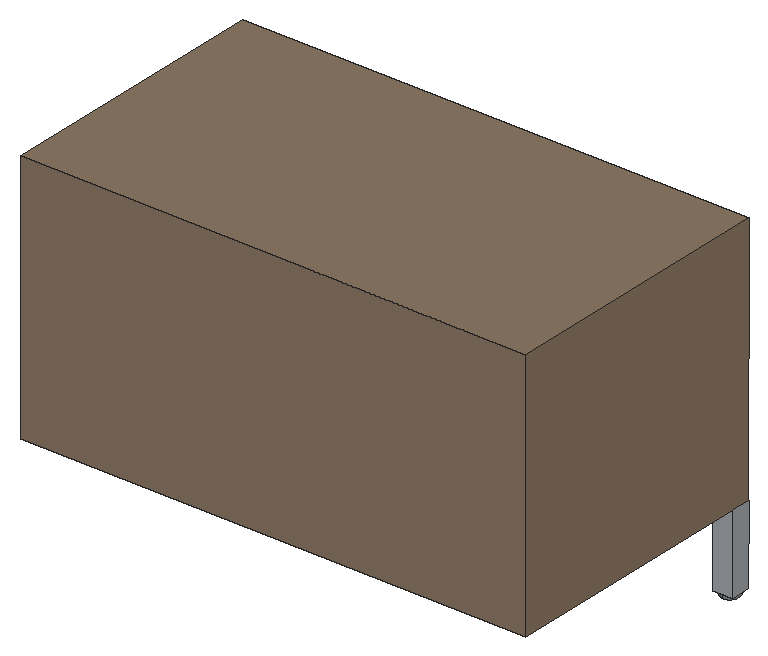
Revit family
Parameters
  URL = "http://www.martinbrattrud.com"
  Table [instance] = none
  SCS Certified Product = "Yes"
  Model = "Bristol 249-00LT"
  Manufacturer = "Martin Brattrud, Inc."
  Keynote = "125000"
  Copyright = "© 2013 Martin Brattrud, Inc."
  Authoring Version = "Revit Architecture 2010"
  Assembly Code = "E2020200"
Reference planes (in)
  plane 1 "Center Front/Back": y = 0
  plane 2: z = 0
  plane 3 "Center Left/Right": x = 0
Forms (in)
  Extrusion 1, solid, material <- "Table"
    sketch origin (0, 0, 0) x (1, 0, 0) y (0, 1, 0)
      loop
        line (-12.75, 7) -> (-12.75, -7) -> (12.75, -7) -> (12.75, 7) -> (-12.75, 7)
    from 4.25 to 17
Nested families (in)
  nested 1: "Bristol Leg" at (-12.25, 6.5, 0), type "Bristol Leg"
  nested 2: "Bristol Leg" at (12.25, 6.5, 0), type "Bristol Leg"
Definition of nested family "Bristol Leg"
  Parameters
    URL = "http://www.martinbrattrud.com"
    SCS Certified Product = ""
    Model = ""
    Leg = none
    Manufacturer = "Martin Brattrud, Inc."
    Keynote = "125000"
    Copyright = "© 2013 Martin Brattrud, Inc."
    Authoring Version = "Revit Architecture 2010"
    Assembly Code = "E2020200"
  Reference planes (in)
    plane 1 "Center Front/Back": y = 0
    plane 2: z = 0
    plane 3 "Center Left/Right": x = 0
  Forms (in)
    Extrusion 1, solid, material <- "Leg"
      sketch origin (0, 0, 0) x (1, 0, 0) y (0, 1, 0)
        loop
          line (-0.5, 0.5) -> (-0.5, -0.5) -> (0.5, -0.5) -> (0.5, 0.5) -> (-0.5, 0.5)
      from 0.25 to 4.25
    Revolve 2, solid, material <- "Leg"
      sketch origin (0, 0, 0) x (0, 1, 0) y (0, 0, 1)
        loop
          line (0, 0) -> (0.25, 0)
          arc (0.25, 0) -> (0.42678, 0.07322) -> (0.5, 0.25) r 0.25
          line (0.5, 0.25) -> (0, 0.25) -> (0, 0)
        axis (0, 0.25) -> (0, 0)
      angle from 0 to 360
